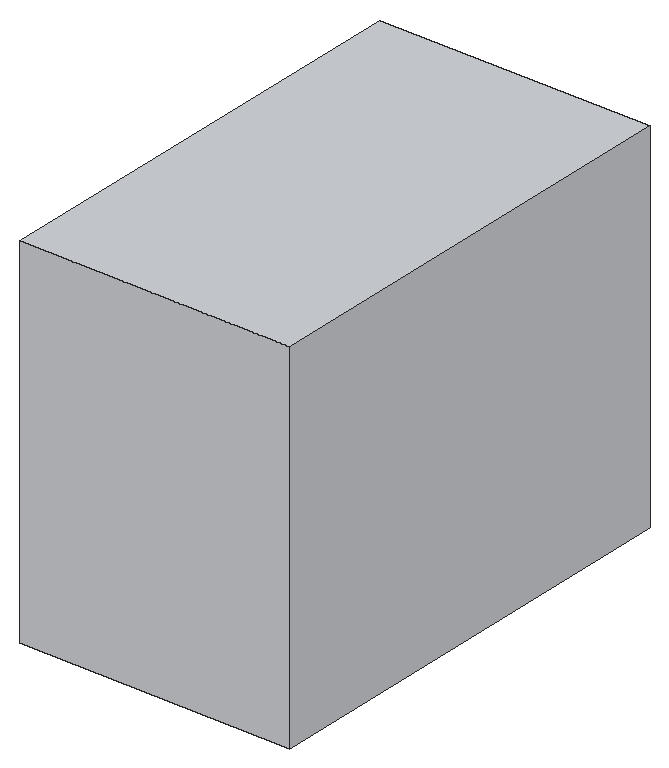
Revit family "XXX_RLT-Gerät_Jalousiekammer rechts", category HLS-Bauteile, Revit 2014
Parameters (values of type "Allgemein")
  Breite = 500 mm
  Symbolbreite [instance] = if(Höhe < Breite, Höhe / 32, Breite / 32)  # 12.5 mm
  Druckverlust [instance] = 0.00 in-wg
  Länge = 300 mm
  Höhe = 400 mm
  Widerstandsbeiwert [instance] = 0
Reference planes
  plane 1 "Mitte (Vorne/Hinten)": y = 0
  plane 2: z = 0
  plane 3 "Mitte (Links/Rechts)": x = 0
  plane 4: y = 250
  plane 5: y = -250
  plane 6: x = -150
  plane 7: x = 150
  plane 8: z = 200
  plane 9: z = -200
  plane 10: x = 145
  plane 11: x = -48.333
  plane 12: y = -187.5
  plane 13: y = -62.5
  plane 14: y = 62.5
  plane 15: y = 187.5
  plane 16: z = 150
  plane 17: z = 100
  plane 18: z = -100
  plane 19: z = -150
  plane 20: x = 96.667
  plane 21: x = -96.667
  plane 22: z = 50
  plane 23: z = -50
  plane 24: x = 48.333
  plane 25: x = -145
  plane 26: y = 125
  plane 27: y = -125
Forms (mm)
  Extrusion 1, solid, detail levels medium+fine
    sketch origin (-150, 397.271, 1219.2) x (0, 1, 0) y (0, 0, 1)
      loop
        line (-147.271, -1019.2) -> (-647.271, -1019.2) -> (-647.271, -1419.2) -> (-147.271, -1419.2) -> (-147.271, -1019.2)
    from 0 to 300
Lines and regions (mm)
  model lines, detail levels coarse
    curve 1: line (-150, 250, 0) -> (150, 250, 0)
    curve 2: line (-150, -250, 0) -> (-150, 250, 0)
    curve 3: line (150, -250, 0) -> (-150, -250, 0)
    curve 4: line (150, 250, 0) -> (150, -250, 0)
    curve 5: line (-150, 0, 200) -> (150, 0, 200)
    curve 6: line (-150, 0, -200) -> (-150, 0, 200)
    curve 7: line (150, 0, -200) -> (-150, 0, -200)
    curve 8: line (150, 0, 200) -> (150, 0, -200)
    curve 9: line (0, 250, 200) -> (0, -250, 200)
    curve 10: line (0, 250, -200) -> (0, 250, 200)
    curve 11: line (0, -250, -200) -> (0, 250, -200)
    curve 12: line (0, -250, 200) -> (0, -250, -200)
    curve 13: line (145, 250, 0) -> (-48.333, 250, 0)
    curve 14: line (-48.333, -250, 0) -> (145, -250, 0)
    curve 63: circle (96.667, 0, 150) r 12.5 normal (0, -1, 0)
    curve 64: line (48.333, 0, 200) -> (87.979, 0, 158.987)
    curve 65: line (145, 0, 100) -> (105.354, 0, 141.013)
    curve 66: circle (96.667, 0, 50) r 12.5 normal (0, -1, 0)
    curve 67: line (48.333, 0, 100) -> (87.979, 0, 58.987)
    curve 68: line (145, 0, 0) -> (105.354, 0, 41.013)
    curve 69: circle (96.667, 0, -50) r 12.5 normal (0, -1, 0)
    curve 70: line (48.333, 0, 0) -> (87.979, 0, -41.013)
    curve 71: line (145, 0, -100) -> (105.354, 0, -58.987)
    curve 72: circle (96.667, 0, -150) r 12.5 normal (0, -1, 0)
    curve 73: line (48.333, 0, -100) -> (87.979, 0, -141.013)
    curve 74: line (145, 0, -200) -> (105.354, 0, -158.987)
    curve 83: circle (96.667, 187.5, 0) r 12.5 normal (0, 0, 1)
    curve 84: line (48.333, 250, 0) -> (89.02, 197.388, 0)
    curve 85: line (145, 125, 0) -> (104.314, 177.612, 0)
    curve 86: circle (96.667, 62.5, 0) r 12.5 normal (0, 0, 1)
    curve 87: line (48.333, 125, 0) -> (89.02, 72.388, 0)
    curve 88: line (145, 0, 0) -> (104.314, 52.612, 0)
    curve 89: circle (96.667, -62.5, 0) r 12.5 normal (0, 0, 1)
    curve 90: line (48.333, 0, 0) -> (89.02, -52.612, 0)
    curve 91: line (145, -125, 0) -> (104.314, -72.388, 0)
    curve 92: circle (96.667, -187.5, 0) r 12.5 normal (0, 0, 1)
    curve 93: line (48.333, -125, 0) -> (89.02, -177.612, 0)
    curve 94: line (145, -250, 0) -> (104.314, -197.388, 0)
  reference lines
    curve 15: line (48.333, -250, 200) -> (145, -250, 100)
    curve 16: line (48.333, -250, 100) -> (145, -250, 0)
    curve 17: line (48.333, -250, 0) -> (145, -250, -100)
    curve 18: line (48.333, -250, -100) -> (145, -250, -200)
    curve 27: line (48.333, 250, 200) -> (145, 250, 100)
    curve 28: line (48.333, 250, 100) -> (145, 250, 0)
    curve 29: line (48.333, 250, 0) -> (145, 250, -100)
    curve 30: line (48.333, 250, -100) -> (145, 250, -200)
    curve 43: line (48.333, 250, 200) -> (145, 125, 200)
    curve 44: line (48.333, 125, 200) -> (145, 0, 200)
    curve 45: line (48.333, 0, 200) -> (145, -125, 200)
    curve 46: line (48.333, -125, 200) -> (145, -250, 200)
    curve 59: line (48.333, 0, 200) -> (145, 0, 100)
    curve 60: line (48.333, 0, 100) -> (145, 0, 0)
    curve 61: line (48.333, 0, 0) -> (145, 0, -100)
    curve 62: line (48.333, 0, -100) -> (145, 0, -200)
    curve 79: line (48.333, 250, 0) -> (145, 125, 0)
    curve 80: line (48.333, 125, 0) -> (145, 0, 0)
    curve 81: line (48.333, 0, 0) -> (145, -125, 0)
    curve 82: line (48.333, -125, 0) -> (145, -250, 0)
  model lines, detail levels medium+fine
    curve 19: line (48.333, -250, 200) -> (87.979, -250, 158.987)
    curve 20: line (145, -250, 100) -> (105.354, -250, 141.013)
    curve 21: line (48.333, -250, 100) -> (87.979, -250, 58.987)
    curve 22: line (145, -250, 0) -> (105.354, -250, 41.013)
    curve 23: line (48.333, -250, 0) -> (87.979, -250, -41.013)
    curve 24: line (145, -250, -100) -> (105.354, -250, -58.987)
    curve 25: line (145, -250, -200) -> (105.354, -250, -158.987)
    curve 26: line (48.333, -250, -100) -> (87.979, -250, -141.013)
    curve 31: line (48.333, 250, 200) -> (87.979, 250, 158.987)
    curve 32: line (105.354, 250, 141.013) -> (145, 250, 100)
    curve 33: line (48.333, 250, 100) -> (87.979, 250, 58.987)
    curve 34: line (105.354, 250, 41.013) -> (145, 250, 0)
    curve 35: line (48.333, 250, 0) -> (87.979, 250, -41.013)
    curve 36: line (105.354, 250, -58.987) -> (145, 250, -100)
    curve 37: line (48.333, 250, -100) -> (87.979, 250, -141.013)
    curve 38: line (105.354, 250, -158.987) -> (145, 250, -200)
    curve 39: circle (96.667, 250, 150) r 12.5 normal (0, 1, 0)
    curve 40: circle (96.667, 250, 50) r 12.5 normal (0, 1, 0)
    curve 41: circle (96.667, 250, -50) r 12.5 normal (0, 1, 0)
    curve 42: circle (96.667, 250, -150) r 12.5 normal (0, 1, 0)
    curve 47: circle (96.667, 187.5, 200) r 12.5 normal (0, 0, 1)
    curve 48: line (48.333, 250, 200) -> (89.02, 197.388, 200)
    curve 49: line (145, 125, 200) -> (104.314, 177.612, 200)
    curve 50: circle (96.667, 62.5, 200) r 12.5 normal (0, 0, 1)
    curve 51: line (48.333, 125, 200) -> (89.02, 72.388, 200)
    curve 52: line (145, 0, 200) -> (104.314, 52.612, 200)
    curve 53: circle (96.667, -62.5, 200) r 12.5 normal (0, 0, 1)
    curve 54: line (48.333, 0, 200) -> (89.02, -52.612, 200)
    curve 55: line (145, -125, 200) -> (104.314, -72.388, 200)
    curve 56: circle (96.667, -187.5, 200) r 12.5 normal (0, 0, 1)
    curve 57: line (48.333, -125, 200) -> (89.02, -177.612, 200)
    curve 58: line (145, -250, 200) -> (104.314, -197.388, 200)
    curve 75: circle (96.667, -250, 150) r 12.5 normal (0, -1, 0)
    curve 76: circle (96.667, -250, 50) r 12.5 normal (0, -1, 0)
    curve 77: circle (96.667, -250, -50) r 12.5 normal (0, -1, 0)
    curve 78: circle (96.667, -250, -150) r 12.5 normal (0, -1, 0)
Dimensions and locks
  "Länge": plane 6 to plane 7
  equal spacing: plane 8, plane 16, plane 17, plane 22, level, plane 23, plane 18, plane 19, plane 9
  "Höhe": plane 8 to plane 9
  "Breite": plane 5 to plane 4
  equal spacing: plane 4, plane 15, plane 26, plane 14, plane 1 "Mitte (Vorne/Hinten)", plane 13, plane 27, plane 12, plane 5
  equal spacing: plane 25, plane 21, plane 11, plane 3 "Mitte (Links/Rechts)", plane 24, plane 20, plane 10
  locked: curve 63 to plane 20
  locked: curve 63 to plane 16
  locked: plane 20 to curve 66
  locked: plane 22 to curve 66
  locked: plane 20 to curve 69
  locked: plane 23 to curve 69
  locked: plane 20 to curve 72
  locked: plane 19 to curve 72
  locked: plane 20 to curve 75 at 0
  locked: plane 16 to curve 75 at 0
  locked: plane 20 to curve 76 at 0
  locked: plane 22 to curve 76 at 0
  plane 20 to curve 77 = 0 mm
  locked: plane 23 to curve 77 at 0
  plane 20 to curve 78 = 0 mm
  locked: plane 19 to curve 78 at 0
  locked: plane 16 to curve 39 at 0
  plane 20 to curve 39 = 0 mm
  curve 40 to plane 20 = 0 mm
  curve 40 to plane 22 = 0 mm
  curve 41 to plane 20 = 0 mm
  curve 41 to plane 23 = 0 mm
  curve 42 to plane 20 = 0 mm
  curve 42 to plane 19 = 0 mm
  plane 20 to curve 47 = 0 mm
  curve 47 to plane 15 = 0 mm
  plane 20 to curve 50 = 0 mm
  curve 50 to plane 14 = 0 mm
  curve 53 to plane 20 = 0 mm
  plane 13 to curve 53 = 0 mm
  plane 20 to curve 56 = 0 mm
  curve 56 to plane 12 = 0 mm
  plane 20 to curve 83 = 0 mm
  curve 83 to plane 15 = 0 mm
  plane 20 to curve 86 = 0 mm
  curve 86 to plane 14 = 0 mm
  plane 20 to curve 89 = 0 mm
  plane 13 to curve 89 = 0 mm
  plane 20 to curve 92 = 0 mm
  curve 92 to plane 12 = 0 mm
  locked: plane 10 to plane 7 at 5
  locked: plane 6 to plane 25 at 5
  "Symbolbreite": radius of curve 39
  "Symbolbreite": radius of curve 40
  "Symbolbreite": radius of curve 41
  "Symbolbreite": radius of curve 42
  "Symbolbreite": radius of curve 47
  "Symbolbreite": radius of curve 50
  "Symbolbreite": radius of curve 53
  "Symbolbreite": radius of curve 56
  "Symbolbreite": radius of curve 63
  "Symbolbreite": radius of curve 66
  "Symbolbreite": radius of curve 69
  "Symbolbreite": radius of curve 72
  "Symbolbreite": radius of curve 75
  "Symbolbreite": radius of curve 76
  "Symbolbreite": radius of curve 77
  "Symbolbreite": radius of curve 78
  "Symbolbreite": radius of curve 83
  "Symbolbreite": radius of curve 86
  "Symbolbreite": radius of curve 89
  "Symbolbreite": radius of curve 92
  aligned and locked: plane 2 to level
  aligned and locked: plane 7 to Extrusion 1
  aligned and locked: Extrusion 1 to plane 6
  aligned and locked: plane 8 to Extrusion 1
  aligned and locked: plane 9 to Extrusion 1
  aligned and locked: plane 5 to Extrusion 1
  aligned and locked: plane 4 to Extrusion 1
  aligned and locked: curve 2 to Extrusion 1
  aligned and locked: curve 4 to Extrusion 1
  aligned and locked: curve 5 to Extrusion 1
  aligned and locked: curve 6 to Extrusion 1
  aligned and locked: curve 7 to Extrusion 1
  aligned and locked: curve 8 to Extrusion 1
  aligned and locked: curve 9 to Extrusion 1
  aligned and locked: curve 10 to Extrusion 1
  aligned and locked: curve 11 to Extrusion 1
  aligned and locked: curve 12 to Extrusion 1
  aligned and locked: curve 13 to plane 4
  aligned and locked: curve 14 to plane 5
  aligned and locked: plane 24 to curve 15
  aligned and locked: plane 8 to curve 15
  aligned and locked: plane 10 to curve 15
  aligned and locked: plane 17 to curve 15
  aligned and locked: plane 24 to curve 16
  aligned and locked: plane 17 to curve 16
  aligned and locked: level to curve 16
  aligned and locked: plane 10 to curve 16
  aligned and locked: level to curve 17
  aligned and locked: plane 10 to curve 17
  aligned and locked: plane 24 to curve 17
  aligned and locked: plane 18 to curve 17
  aligned and locked: plane 18 to curve 18
  aligned and locked: plane 9 to curve 18
  aligned and locked: plane 24 to curve 18
  aligned and locked: plane 10 to curve 18
  aligned and locked: curve 19 to curve 15
  aligned and locked: curve 20 to curve 15
  aligned and locked: curve 21 to curve 16
  aligned and locked: curve 22 to curve 16
  aligned and locked: curve 23 to curve 17
  aligned and locked: curve 24 to curve 17
  aligned and locked: curve 25 to curve 18
  aligned and locked: curve 26 to curve 18
  aligned and locked: curve 31 to curve 27
  aligned and locked: curve 27 to curve 32
  aligned and locked: curve 33 to curve 28
  aligned and locked: curve 28 to curve 34
  aligned and locked: curve 35 to curve 29
  aligned and locked: curve 29 to curve 36
  aligned and locked: curve 37 to curve 30
  aligned and locked: curve 30 to curve 38
  aligned and locked: plane 8 to curve 27
  aligned and locked: plane 24 to curve 27
  aligned and locked: plane 17 to curve 27
  aligned and locked: plane 10 to curve 27
  aligned and locked: level to curve 28
  aligned and locked: plane 10 to curve 28
  aligned and locked: plane 17 to curve 28
  aligned and locked: plane 24 to curve 28
  aligned and locked: plane 24 to curve 29
  aligned and locked: level to curve 29
  aligned and locked: plane 10 to curve 30
  aligned and locked: plane 9 to curve 30
  aligned and locked: plane 24 to curve 30
  aligned and locked: plane 18 to curve 30
  aligned and locked: plane 4 to curve 43
  aligned and locked: plane 26 to curve 43
  aligned and locked: plane 26 to curve 44
  aligned and locked: plane 1 "Mitte (Vorne/Hinten)" to curve 44
  aligned and locked: plane 1 "Mitte (Vorne/Hinten)" to curve 45
  aligned and locked: plane 27 to curve 45
  aligned and locked: plane 27 to curve 46
  aligned and locked: plane 5 to curve 46
  aligned and locked: plane 24 to curve 43
  aligned and locked: plane 10 to curve 43
  aligned and locked: plane 10 to curve 44
  aligned and locked: plane 24 to curve 44
  aligned and locked: plane 24 to curve 45
  aligned and locked: plane 10 to curve 45
  aligned and locked: plane 24 to curve 46
  aligned and locked: plane 10 to curve 46
  aligned and locked: curve 48 to curve 43
  aligned and locked: curve 49 to curve 43
  aligned and locked: curve 51 to curve 44
  aligned and locked: curve 52 to curve 44
  aligned and locked: curve 54 to curve 45
  aligned and locked: curve 55 to curve 45
  aligned and locked: curve 57 to curve 46
  aligned and locked: curve 58 to curve 46
  aligned and locked: plane 8 to curve 59
  aligned and locked: plane 10 to curve 59
  aligned and locked: plane 24 to curve 60
  aligned and locked: plane 10 to curve 60
  aligned and locked: plane 24 to curve 61
  aligned and locked: plane 10 to curve 61
  aligned and locked: plane 24 to curve 62
  aligned and locked: plane 9 to curve 62
  aligned and locked: plane 24 to curve 59
  aligned and locked: plane 17 to curve 59
  aligned and locked: plane 17 to curve 60
  aligned and locked: level to curve 60
  aligned and locked: level to curve 61
  aligned and locked: plane 18 to curve 61
  aligned and locked: plane 18 to curve 62
  aligned and locked: plane 10 to curve 62
  aligned and locked: curve 64 to curve 59
  aligned and locked: curve 65 to curve 59
  aligned and locked: curve 67 to curve 60
  aligned and locked: curve 68 to curve 60
  aligned and locked: curve 70 to curve 61
  aligned and locked: curve 71 to curve 61
  aligned and locked: curve 73 to curve 62
  aligned and locked: curve 74 to curve 62
  aligned and locked: plane 24 to curve 79
  aligned and locked: plane 10 to curve 79
  aligned and locked: plane 24 to curve 80
  aligned and locked: plane 10 to curve 80
  aligned and locked: plane 1 "Mitte (Vorne/Hinten)" to curve 81
  aligned and locked: plane 27 to curve 81
  aligned and locked: plane 27 to curve 82
  aligned and locked: plane 10 to curve 82
  aligned and locked: plane 4 to curve 79
  aligned and locked: plane 26 to curve 79
  aligned and locked: plane 26 to curve 80
  aligned and locked: plane 1 "Mitte (Vorne/Hinten)" to curve 80
  aligned and locked: plane 24 to curve 81
  aligned and locked: plane 10 to curve 81
  aligned and locked: plane 24 to curve 82
  aligned and locked: plane 5 to curve 82
  aligned and locked: curve 85 to curve 79
  aligned and locked: curve 84 to curve 79
  aligned and locked: curve 87 to curve 80
  aligned and locked: curve 88 to curve 80
  aligned and locked: curve 90 to curve 81
  aligned and locked: curve 91 to curve 81
  aligned and locked: curve 93 to curve 82
  aligned and locked: curve 94 to curve 82
  aligned and locked: plane 10 to curve 55
  aligned and locked: plane 24 to curve 54
Automatic sketch dimensions
  Extrusion 1 sketch curve to plane 5 = 0 mm
  Extrusion 1 sketch curve to plane 4 = 0 mm
  plane 9 to Extrusion 1 sketch curve = 0 mm
  Extrusion 1 sketch curve to plane 8 = 0 mm
  plane 5 to curve 3 = 0 mm
  curve 4 to plane 4 = 0 mm
  curve 14 to plane 11 = 0 mm
  curve 13 to plane 10 = 0 mm
  curve 13 to plane 11 = 0 mm
  curve 14 to plane 10 = 0 mm
  curve 29 to plane 10 = 0 mm
  curve 29 to plane 18 = 0 mm
  curve 19 to curve 15 = 0 mm
  curve 20 to curve 15 = 0 mm
  curve 21 to curve 16 = 0 mm
  curve 22 to curve 16 = 0 mm
  curve 23 to curve 17 = 0 mm
  curve 17 to curve 24 = 0 mm
  curve 24 to curve 17 = 0 mm
  curve 26 to curve 18 = 0 mm
  curve 25 to curve 18 = 0 mm
  curve 31 to curve 27 = 0 mm
  curve 32 to curve 27 = 0 mm
  curve 33 to curve 28 = 0 mm
  curve 34 to curve 28 = 0 mm
  curve 35 to curve 29 = 0 mm
  curve 36 to curve 29 = 0 mm
  curve 37 to curve 30 = 0 mm
  curve 38 to curve 30 = 0 mm
  curve 48 to curve 43 = 0 mm
  curve 49 to curve 43 = 0 mm
  curve 51 to curve 44 = 0 mm
  curve 52 to curve 44 = 0 mm
  curve 57 to curve 46 = 0 mm
  curve 58 to curve 46 = 0 mm
  curve 64 to curve 59 = 0 mm
  curve 65 to curve 59 = 0 mm
  curve 67 to curve 60 = 0 mm
  curve 60 to curve 68 = 0 mm
  curve 68 to curve 60 = 0 mm
  curve 70 to curve 61 = 0 mm
  curve 71 to curve 61 = 0 mm
  curve 73 to curve 62 = 0 mm
  curve 74 to curve 62 = 0 mm
  curve 84 to curve 79 = 0 mm
  curve 85 to curve 79 = 0 mm
  curve 87 to curve 80 = 0 mm
  curve 88 to curve 80 = 0 mm
  curve 90 to curve 81 = 0 mm
  curve 91 to curve 81 = 0 mm
  curve 93 to curve 82 = 0 mm
  curve 94 to curve 82 = 0 mm
Connectors
  hvac at (-150, 0, 0), driven by "Widerstandsbeiwert", driven by "Breite", driven by "Höhe"
    settings: on Extrusion 1, index 1, duct flow 0 CFM, flow factor 0, pres drop 0.00 in-wg, loss coef 0, conn angle 0.00°, conn width 500 mm, conn height 400 mm, conn diameter 609.6 mm, duct sys type 29, conn prof type 1, flow config 0, flow direction 0, loss method 6, conn ref index 2, conn util no, is conn primary yes, conn desc ""
  hvac at (150, 0, 0), driven by "Widerstandsbeiwert", driven by "Breite", driven by "Höhe"
    settings: on Extrusion 1, index 2, duct flow 0 CFM, flow factor 0, pres drop 0.00 in-wg, loss coef 0, conn angle 0.00°, conn width 500 mm, conn height 400 mm, conn diameter 609.6 mm, duct sys type 29, conn prof type 1, flow config 0, flow direction 0, loss method 0, conn ref index 1, conn util no, is conn primary no, conn desc ""
